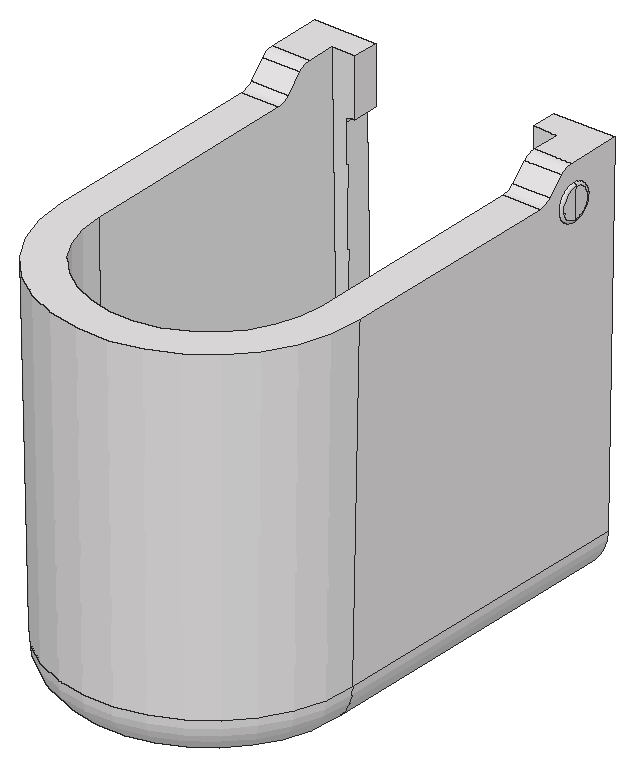
Revit family "Reece_Basin_Caroma_Forma_Basin Pedestal_173 mm", category Plumbing Fixtures, Revit 2018
Family settings
  Round Connector Dimension = Use Diameter
  Part Type = Normal
  Work Plane-Based = Yes
  Always vertical = Yes
  Cut with Voids When Loaded = Yes
  Shared = Yes
  Room Calculation Point = Yes
Parameters (values of type "Ceramic_White")
  URL = "https://www.reece.com.au/product/-9507992"
  Type Comments = "Basin"
  Reece_Product_Web Page = "https://www.reece.com.au/product/-9507992"
  Reece_Product_Type = "Basin"  # constant formula
  Reece_Product_Sub Brand = "Forma"  # constant formula
  Reece_Product_Number = "9507992"
  Reece_Product_Mount = "Wall Mounted"
  Reece_Product_Description = "Caroma Forma Shroud"
  Reece_Product_Brand = "Caroma"  # constant formula
  Reece_Overall_Width = 173 mm  # constant formula
  Reece_Overall_Height = 230 mm  # constant formula
  Reece_Overall_Depth = 270 mm  # constant formula
  Reece_Material_Main = Reece_Ceramic_White
  Reece_Height_From_Level = 600 mm
  Reece_Detail_Disclaimer = "THIS FILE IS THE PROPERTY OF THE REECE GROUP. IT MAY NOT BE REPRODUCED, REVERSE-ENGINEERED OR MODIFIED. ANY REPUBLICATION, TRANSMISSION OR DISTRIBUTION FOR THE PURPOSE OF COMMERCIALLY EXPLOITING THE FILES IS PROHIBITED."  # constant formula
  Reece_Detail_Additional = "Basin Pedestal"  # constant formula
  Model = "Forma"
  Manufacturer = "Caroma"
  Keynote = "Product #9507992, Reece_Basin_Caroma_Forma_Basin Pedestal_173 mm - Ceramic_White"
  Disclaimer = "THIS FILE IS THE PROPERTY OF THE REECE GROUP. IT MAY NOT BE REPRODUCED, REVERSE-ENGINEERED OR MODIFIED. ANY REPUBLICATION, TRANSMISSION OR DISTRIBUTION FOR THE PURPOSE OF COMMERCIALLY EXPLOITING THE FILES IS PROHIBITED."  # constant formula
  Description = "Caroma Forma Shroud"
  Default Elevation = 0 mm
Types (2, lengths in mm): name | Keynote
  (no name) | "Product #9507992, Reece_Basin_Caroma_Forma_Basin Pedestal_173 mm -  "
  Ceramic_White | "Product #9507992, Reece_Basin_Caroma_Forma_Basin Pedestal_173 mm - Ceramic_White"
Reference planes
  plane 1 "Center (Front/Back)": y = 0
  plane 2 "Bottom Host Plane": z = -5
  plane 3 "Center (Left/Right)": x = 0
  plane 4 "Top host": z = 600
  plane 5: y = -270
  plane 6: x = 86.5
  plane 7: x = -86.5
  plane 8 "bottom": z = 370
Forms (mm)
  Sweep 1, solid, material "Reece_Ceramic_White" <- "Reece_Material_Main"
    path origin (0, 0, 370) x (-1, 0, 0) y (0, -1, 0)
      loop
        line (86.5, 0) -> (86.5, 183.5)
        arc (86.5, 183.5) -> (0, 270) -> (-86.5, 183.5) r 86.5
        line (-86.5, 183.5) -> (-86.5, 0)
    profile origin (-86.5, -91.75, 370) x (1, 0, 0) y (0, 0, 1)
      loop
        line (0, 230) -> (4.239, 24.484)
        arc (4.239, 24.484) -> (11.739, 7.141) -> (29.234, 0) r 25
        line (29.234, 0) -> (45, 0) -> (45, 20) -> (24.695, 20) -> (21.464, 230) -> (0, 230)
  Extrusion 2, void
    sketch origin (0, 0, -230) x (0, 1, 0) y (0, 0, 1)
      loop
        line (20.858, 830) -> (20.858, 860.858) -> (-289.142, 860.858) -> (-289.142, 815.858) -> (-53.284, 815.858)
        arc (-53.284, 815.858) -> (-49.457, 816.619) -> (-46.213, 818.787) r 10
        line (-46.213, 818.787) -> (-37.929, 827.071)
        arc (-37.929, 827.071) -> (-34.685, 829.239) -> (-30.858, 830) r 10
        line (-30.858, 830) -> (20.858, 830)
    from -138.436 to 119.85
  Extrusion 3, solid, material "Reece_Ceramic_White" <- "Reece_Material_Main"
    sketch origin (0, 0, -230) x (1, 0, 0) y (0, 0, 1)
      loop
        line (-61.805, 620) -> (-53.804, 620) -> (-56.487, 794.399)
        arc (-56.487, 794.399) -> (-55.709, 796.341) -> (-53.78, 797.148) r 2.707
        line (-53.78, 797.148) -> (-51.5, 797.148) -> (-51.5, 830) -> (-65.036, 830) -> (-61.805, 620)
    from 0 to 15
  Extrusion 4, solid, material "Reece_Ceramic_White" <- "Reece_Material_Main"
    sketch origin (0, 0, -230) x (-1, 0, 0) y (0, 0, -1)
      loop
        line (-61.805, -620) -> (-65.036, -830) -> (-51.5, -830) -> (-51.5, -797.148) -> (-53.78, -797.148)
        arc (-53.78, -797.148) -> (-55.709, -796.341) -> (-56.487, -794.399) r 2.707
        line (-56.487, -794.399) -> (-53.804, -620) -> (-61.805, -620)
    from 0 to 15
  Extrusion 5, solid, material "Reece_Ceramic_White" <- "Reece_Material_Main"
    sketch origin (0, 0, 370) x (-1, 0, 0) y (0, -1, 0)
      loop
        line (-41.5, 0) -> (41.5, 0) -> (41.5, 183.5)
        arc (41.5, 183.5) -> (38.395, 199.251) -> (29.544, 212.645) r 41.5
        arc (29.544, 212.645) -> (0, 225) -> (-29.544, 212.645) r 41.5
        arc (-29.544, 212.645) -> (-38.395, 199.251) -> (-41.5, 183.5) r 41.5
        line (-41.5, 183.5) -> (-41.5, 0)
    from 0 to 20
  Revolve 6, solid, material "Reece_Ceramic_White" <- "Reece_Material_Main"
    sketch origin (0, -29.844, -230) x (1, 0, 0) y (0, 0, 1)
      loop
        line (87.833, 809.46) -> (88.009, 818.009)
        arc (88.009, 818.009) -> (87.516, 819.236) -> (86.288, 819.73) r 1.687
        line (86.288, 819.73) -> (83.083, 819.73) -> (82.873, 809.562) -> (87.833, 809.46)
      axis (87.833, 809.46) -> (82.873, 809.562)
    angle from 0 to 360
  Revolve 7, solid, material "Reece_Ceramic_White" <- "Reece_Material_Main"
    sketch origin (0, -29.844, -230) x (-1, 0, 0) y (0, 0, -1)
      loop
        line (87.833, -809.46) -> (82.873, -809.562) -> (83.083, -819.73) -> (86.288, -819.73)
        arc (86.288, -819.73) -> (87.516, -819.236) -> (88.009, -818.009) r 1.687
        line (88.009, -818.009) -> (87.833, -809.46)
      axis (87.833, -809.46) -> (82.873, -809.562)
    angle from 0 to 360
Cuts and joins
  Extrusion 2 cuts Sweep 1
  Extrusion 2 cuts Extrusion 3
  Extrusion 2 cuts Extrusion 4
  joined: Sweep 1, Extrusion 3, Extrusion 4, Extrusion 5
Lines and regions (mm)
  model lines, style "InvisibleLines"
    curve 1: line (0, 0, -5) -> (0, 0, 600)
Text (mm)
  text "Reece ©" at (2572.538, -2373.316, 3070.959), in view "Reece Preview"
  text "Reece Copyright © 2018, Reece Ltd." at (-293.554, -417.338, 0), in view "Ref. Level"
Dimensions and locks
  "Reece_Height_From_Level": plane 4 "Top host" to level
  "Reece_Overall_Depth": plane 5 to plane 1 "Center (Front/Back)"
  "Reece_Overall_Width": plane 7 to plane 6
  "Reece_Overall_Depth": curve 1 to plane 5
  "Reece_Overall_Height": plane 4 "Top host" to plane 8 "bottom"
  aligned and locked: plane 4 "Top host" to curve 1
  aligned and locked: plane 2 "Bottom Host Plane" to curve 1
Automatic sketch dimensions
  profile plane to Sweep 1 sketch curve = 0 mm
  Sweep 1 sketch curve to profile plane = 0 mm
  Sweep 1 sketch curve to profile plane = 4.239 mm
  Sweep 1 sketch curve to profile plane = 21.464 mm
  Sweep 1 sketch curve to Sweep 1 sketch curve = 20.456 mm
  Sweep 1 sketch curve to Sweep 1 sketch curve = 4.539 mm
  Sweep 1 sketch curve to Sweep 1 sketch curve = 15.766 mm
  profile plane to Sweep 1 sketch curve = 20 mm
  Sweep 1 sketch curve to Sweep 1 sketch curve = 4.484 mm
  Sweep 1 sketch curve to Sweep 1 sketch curve = 205 mm
  Extrusion 2 sketch curve to plane 4 "Top host" = 0 mm
  plane 5 to Extrusion 2 sketch curve = 19.142 mm
  Extrusion 2 sketch curve to plane 4 "Top host" = 4.142 mm
  plane 1 "Center (Front/Back)" to Extrusion 2 sketch curve = 53.284 mm
  Extrusion 2 sketch curve to plane 4 "Top host" = 11.213 mm
  Extrusion 2 sketch curve to Extrusion 2 sketch curve = 7.071 mm
  Extrusion 2 sketch curve to plane 4 "Top host" = 2.929 mm
  Extrusion 2 sketch curve to Extrusion 2 sketch curve = 8.284 mm
  Extrusion 2 sketch curve to plane 4 "Top host" = 10 mm
  Extrusion 2 sketch curve to plane 1 "Center (Front/Back)" = 20.858 mm
  plane 4 "Top host" to Extrusion 2 sketch curve = 30.858 mm
  Extrusion 3 sketch curve to plane 4 "Top host" = 0 mm
  plane 7 to Extrusion 3 sketch curve = 21.464 mm
  plane 7 to Extrusion 3 sketch curve = 24.695 mm
  plane 7 to Extrusion 3 sketch curve = 30.013 mm
  Extrusion 3 sketch curve to Extrusion 3 sketch curve = 8.001 mm
  Extrusion 3 sketch curve to Extrusion 3 sketch curve = 2.707 mm  (x2)
  Extrusion 3 sketch curve to Extrusion 3 sketch curve = 13.536 mm
  Extrusion 3 sketch curve to plane 4 "Top host" = 32.852 mm
  Extrusion 3 sketch curve to Extrusion 3 sketch curve = 174.399 mm
  Extrusion 4 sketch curve to plane 4 "Top host" = 0 mm
  plane 6 to Extrusion 4 sketch curve = 21.464 mm
  plane 6 to Extrusion 4 sketch curve = 24.695 mm
  plane 6 to Extrusion 4 sketch curve = 30.013 mm
  Extrusion 4 sketch curve to Extrusion 4 sketch curve = 8.001 mm
  Extrusion 4 sketch curve to Extrusion 4 sketch curve = 2.707 mm  (x2)
  Extrusion 4 sketch curve to Extrusion 4 sketch curve = 13.536 mm
  plane 4 "Top host" to Extrusion 4 sketch curve = 32.852 mm
  Extrusion 4 sketch curve to Extrusion 4 sketch curve = 174.399 mm
  Revolve 6 sketch curve to plane 6 = 3.627 mm
  Revolve 6 sketch curve to plane 6 = 3.417 mm
  Revolve 6 sketch curve to plane 6 = 0.212 mm
  Revolve 6 sketch curve to plane 6 = 0.177 mm
  plane 6 to Revolve 6 sketch curve = 1.333 mm
  plane 6 to Revolve 6 sketch curve = 1.509 mm
  Revolve 6 sketch curve to plane 4 "Top host" = 20.54 mm
  Revolve 6 sketch curve to Revolve 6 sketch curve = 0.102 mm
  Revolve 6 sketch curve to Revolve 6 sketch curve = 0 mm  (x4)
  plane 7 to Revolve 7 sketch curve = 3.627 mm
  plane 7 to Revolve 7 sketch curve = 3.417 mm
  plane 7 to Revolve 7 sketch curve = 0.212 mm
  plane 7 to Revolve 7 sketch curve = 0.177 mm
  Revolve 7 sketch curve to plane 7 = 1.333 mm
  Revolve 7 sketch curve to plane 7 = 1.509 mm
  Revolve 7 sketch curve to plane 4 "Top host" = 10.27 mm
  Revolve 7 sketch curve to Revolve 7 sketch curve = 1.686 mm
  Revolve 7 sketch curve to Revolve 7 sketch curve = 0 mm  (x4)
  plane 1 "Center (Front/Back)" to Sweep 1 sketch curve = 0 mm  (x2)
  Sweep 1 sketch curve to plane 6 = 0 mm
  Sweep 1 sketch curve to plane 3 "Center (Left/Right)" = 0 mm
  Sweep 1 sketch curve to plane 5 = 86.5 mm
  Extrusion 5 sketch curve to Extrusion 5 sketch curve = 0 mm  (x6)
  plane 1 "Center (Front/Back)" to Extrusion 5 sketch curve = 0 mm
  Extrusion 5 sketch curve to plane 3 "Center (Left/Right)" = 0 mm
  plane 3 "Center (Left/Right)" to Extrusion 5 sketch curve = 41.5 mm
  Extrusion 5 sketch curve to plane 5 = 86.5 mm
  plane 3 "Center (Left/Right)" to Extrusion 5 sketch curve = 29.544 mm
  Extrusion 5 sketch curve to plane 3 "Center (Left/Right)" = 29.544 mm
